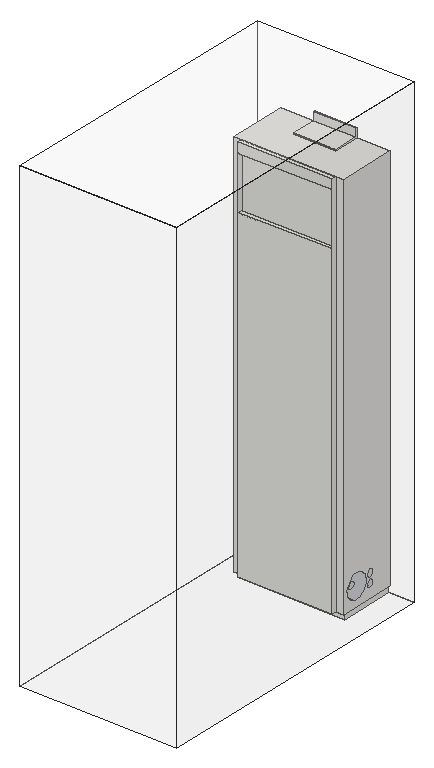
Revit family "ps-rp50_160ka22_60hz", category 機械設備, Revit 2023
Family settings
  丸型コネクタ寸法 = 直径を使用
  パーツ タイプ = 標準
  OmniClass 番号 = 23.75.10.24.21.27.27
  OmniClass タイトル = Split System Air Conditioning Units
  作業面ベース = いいえ
  常に垂直 = はい
  ロード時にボイドで切り取り = いいえ
  注釈の向きを維持 = いいえ
  共有 = いいえ
  部屋計算ポイント = はい
Parameters (values of type "PS-RP50KA22")
  風量_強 (㎥/min) = 14
  風量_弱 (㎥/min) = 12
  風量_中 (㎥/min) = 13
  風量 = MAX風量  # 840.0 m³/h
  音響パワーレベル_弱 (dB) = 52
  音響パワーレベル_中 (dB) = 54
  音響パワーレベル_強 (dB) = 56
  音響パワーレベル(dB) = [音響パワーレベル_強 (dB)]  # 56
  電線用ノックアウト穴Z2 = 90 mm
  電線用ノックアウト穴Z1 = 130 mm
  電線用ノックアウト穴Y = 110 mm
  電源種別 = ""
  電源_H = 0 mm
  電機品箱位置W = 22 mm
  電機品箱位置H = 641 mm
  電機品箱位置D = 170 mm
  電機品箱W = 348 mm
  電機品箱H = 151 mm
  電機品箱D = 61 mm
  電圧 = 0 V
  電動機出力_送風機 = 0.05 kW
  運転質量 = 0.00 kg
  連動 = ""
  転倒防止金具幅 = 180 mm
  質量 = if(製品質量 > 運転質量, 製品質量, 運転質量) * 1.2  # 42.00 kg
  負荷分類 = 3_ファン類
  構成品番 = ""
  既定の高さ = 0 mm
  吊り位置y_3 = 175 mm
  吊り位置X_3 = 80 mm
  冷媒，ドレン配管用ノックアウト穴正面-Z = 105 mm
  冷媒，ドレン配管用ノックアウト穴正面-X2 = 20 mm
  ドレン管径 (外径) = 26 mm
  【値が 0 の項目は組合せ形名にてご確認ください】 = ""
  MIN風量 = [風量_弱 (㎥/min)] * 60.0 m³/h  # 720.0 m³/h
  MID風量 = [風量_中 (㎥/min)] * 60.0 m³/h  # 780.0 m³/h
  MAX風量 = [風量_強 (㎥/min)] * 60.0 m³/h  # 840.0 m³/h
  吸込口高さ = 585 mm
  吸込口幅 = 405 mm
  吊り位置Y_1 = 55 mm
  吊り位置Y_2 = 145 mm
  吊り位置X_2 = 280 mm
  吊り位置X_1 = 200 mm
  冷媒，ドレン配管用ノックアウト穴側面-Z = 110 mm
  冷媒，ドレン配管用ノックアウト穴側面-Y = 180 mm
  冷媒，ドレン配管用ノックアウト穴正面-X1 = 75 mm
  冷媒液管位置-Z = 550 mm
  冷媒液管位置-Y = 201 mm
  冷媒液管位置-X = 45 mm
  冷媒ガス管位置-Z = 402 mm
  冷媒ガス管位置-Y = 186 mm
  冷媒ガス管位置-X = 78 mm
  吹出口高さ = 230 mm
  吹出口幅 = 400 mm
  ドレン管径-Y = 210 mm
  ドレン管径-X = 25 mm
  Width = 470 mm
  URL = "https://www.mitsubishielectric.co.jp/ldg/wink/qr/002/364631"
  Height = 1700 mm
  説明 = "店舗・事務所用パッケージエアコン(Mr.SLIM) 床置形"
  設計暖房能力 = 0.00 kW
  設計冷房能力_顕熱 = 0 kW
  設計冷房能力 = 0 kW
  設置方法 = "床置形"
  記号 = ""
  製造元 = "三菱電機株式会社"
  製品質量 = 35.00 kg
  製品出荷対象 = "国内"
  製品リリース年月 = "2026/5/11"
  製品グループ = ""
  系統 = ""
  符号 = "PAC_FRV"
  積算_科目 = "1 空気調和設備"
  積算_拾い区分 [instance] = ""
  盤記号 = ""
  発停方法 = "別売リモコン"
  特殊仕様 = ""
  火災停止 = ""
  消費電力_暖房 = 0.08 kW
  消費電力_冷房 = 0.09 kW
  消費電力 = if(消費電力_冷房 > 消費電力_暖房, 消費電力_冷房, 消費電力_暖房)  # 0.09 kW
  法定耐用年数 = "6"
  極数 = 3
  材質 = ""
  本体マテリアル = none
  有効加湿量 = 0
  暖房能力 = 5.00 kW
  形式_加湿器 = ""
  形式 = "床置（露出）立形"
  幹線記号 = ""
  始動方式 = "インバータ"
  呼称 = "パッケージ形空気調和機_室内機"
  周波数 = 60 Hz
  台数_手元リモコン = ""
  台数_冷媒分岐ユニット = ""
  参照している仕様書等のバージョン = "公共建築工事標準仕様書（機械設備工事編）平成31年度版"
  加湿給水管径 = 0 mm
  分類コード = "50053003123100"
  分類グループ = "設備"
  冷房能力 = 4.5 kW
  冷媒高低圧ガス管径 = 0 mm
  冷媒管径符号 = "Ac"
  冷媒管径 = 100 mm
  冷媒液管径 = 6.35 mm
  冷媒ガス管径 = 12.7 mm
  企業コード = "108420"
  付属品_フィルター = ""
  付属品 = ""
  モデル = "PS-RP50KA22"
  パネルマテリアル = none
  ドレン管径 = 20 mm
  サービススペース = yes
  コメント [instance] = ""
  Version = ""
  Uniclass2015Version = "Systems v1.9"
  Uniclass2015Title = "Split coil remote air cooled condensing units"
  Uniclass2015Code = "Pr_70_65_03_84"
  SpecificationReference = ""
  SpecificationDescription = ""
  Revision = ""
  ProductInformation = ""
  OmniClassCode = "23-33 17 13 11"
  IfcTypeProduct = ""
  IfcProduct = ""
  IfcExportType = "AIRCONDITIONINGUNIT"
  IfcExportAs = "IfcUnitaryEquipmentType"
  Depth = 270 mm
  価格 = 0
  Clearance Top = 300 mm
  Clearance Right = 100 mm
  Clearance Left = 100 mm
  Clearance Front = 1000 mm
  Clearance Bottom = 0 mm
  Clearance Back = 5 mm
  BLCJ仕様バージョン = "2.0"
  B = 797 mm
  Author = "三菱電機株式会社"
  A = 172.5 mm
Types (8, lengths in mm): name | 風量_強 (㎥/min) | 風量_弱 (㎥/min) | 風量_中 (㎥/min) | 風量 | 音響パワーレベル_弱 (dB) | 音響パワーレベル_中 (dB) | 音響パワーレベル_強 (dB) | 音響パワーレベル(dB) | 電線用ノックアウト穴Z1 | 電線用ノックアウト穴Y | 電機品箱位置H | 電機品箱位置D | 電機品箱W | 電機品箱H | 電機品箱D | 電動機出力_送風機 | 転倒防止金具幅 | 質量 | 吊り位置y_3 | 吊り位置X_3 | 冷媒，ドレン配管用ノックアウト穴正面-Z | MIN風量 | MID風量 | MAX風量 | 吸込口高さ | 吸込口幅 | 吊り位置Y_1 | 吊り位置Y_2 | 吊り位置X_2 | 吊り位置X_1 | 冷媒，ドレン配管用ノックアウト穴側面-Z | 冷媒，ドレン配管用ノックアウト穴側面-Y | 冷媒，ドレン配管用ノックアウト穴正面-X1 | 冷媒液管位置-Z | 冷媒液管位置-Y | 冷媒液管位置-X | 冷媒ガス管位置-Z | 冷媒ガス管位置-Y | 冷媒ガス管位置-X | 吹出口高さ | 吹出口幅 | ドレン管径-Y | ドレン管径-X | Width | URL | Height | 製品質量 | 消費電力_暖房 | 消費電力_冷房 | 消費電力 | 暖房能力 | 冷房能力 | 冷媒管径符号 | 冷媒液管径 | 冷媒ガス管径 | モデル | Depth | B | A
  PS-RP50KA22 | 14 | 12 | 13 | 840.0 m³/h | 52 | 54 | 56 | 56 | 130 | 110 | 641 | 170 | 348 | 151 | 61 | 0.05 kW | 180 | 42.00 kg | 175 | 80 | 105 | 720.0 m³/h | 780.0 m³/h | 840.0 m³/h | 585 | 405 | 55 | 145 | 280 | 200 | 110 | 180 | 75 | 550 | 201 | 45 | 402 | 186 | 78 | 230 | 400 | 210 | 25 | 470 | "https://www.mitsubishielectric.co.jp/ldg/wink/qr/002/364631" | 1700 | 35.00 kg | 0.08 kW | 0.09 kW | 0.09 kW | 5.00 kW | 4.5 kW | "Ac" | 6.35 | 12.7 | "PS-RP50KA22" | 270 | 797 | 172.5
  PS-RP56KA22 | 14 | 12 | 13 | 840.0 m³/h | 52 | 54 | 56 | 56 | 130 | 110 | 641 | 170 | 348 | 151 | 61 | 0.05 kW | 180 | 42.00 kg | 175 | 80 | 105 | 720.0 m³/h | 780.0 m³/h | 840.0 m³/h | 585 | 405 | 55 | 145 | 280 | 200 | 110 | 180 | 75 | 550 | 201 | 45 | 402 | 186 | 78 | 230 | 400 | 210 | 25 | 470 | "https://www.mitsubishielectric.co.jp/ldg/wink/qr/002/364632" | 1700 | 35.00 kg | 0.08 kW | 0.09 kW | 0.09 kW | 5.60 kW | 5 kW | "Ac" | 6.35 | 12.7 | "PS-RP56KA22" | 270 | 797 | 172.5
  PS-RP63KA22 | 15 | 13 | 14 | 900.0 m³/h | 52 | 54 | 56 | 56 | 130 | 110 | 641 | 170 | 348 | 151 | 61 | 0.05 kW | 180 | 42.00 kg | 175 | 80 | 105 | 780.0 m³/h | 840.0 m³/h | 900.0 m³/h | 585 | 405 | 55 | 145 | 280 | 200 | 110 | 180 | 75 | 550 | 201 | 45 | 402 | 186 | 78 | 230 | 400 | 210 | 25 | 470 | "https://www.mitsubishielectric.co.jp/ldg/wink/qr/002/364633" | 1700 | 35.00 kg | 0.08 kW | 0.09 kW | 0.09 kW | 6.30 kW | 5.6 kW | "Ac" | 6.35 | 12.7 | "PS-RP63KA22" | 270 | 797 | 172.5
  PS-RP71KA22 | 15 | 13 | 14 | 900.0 m³/h | 52 | 55 | 57 | 57 | 130 | 110 | 641 | 170 | 348 | 151 | 61 | 0.05 kW | 180 | 42.00 kg | 175 | 80 | 105 | 780.0 m³/h | 840.0 m³/h | 900.0 m³/h | 585 | 405 | 55 | 145 | 280 | 200 | 110 | 180 | 75 | 550 | 201 | 45 | 402 | 186 | 78 | 230 | 400 | 210 | 25 | 470 | "https://www.mitsubishielectric.co.jp/ldg/wink/qr/002/364634" | 1700 | 35.00 kg | 0.08 kW | 0.09 kW | 0.09 kW | 7.10 kW | 6.3 kW | "Bd" | 9.52 | 15.88 | "PS-RP71KA22" | 270 | 797 | 172.5
  PS-RP80KA22 | 15 | 13 | 14 | 900.0 m³/h | 52 | 55 | 57 | 57 | 130 | 110 | 641 | 170 | 348 | 151 | 61 | 0.05 kW | 180 | 42.00 kg | 175 | 80 | 105 | 780.0 m³/h | 840.0 m³/h | 900.0 m³/h | 585 | 405 | 55 | 145 | 280 | 200 | 110 | 180 | 75 | 550 | 201 | 45 | 402 | 186 | 78 | 230 | 400 | 210 | 25 | 470 | "https://www.mitsubishielectric.co.jp/ldg/wink/qr/002/364635" | 1700 | 35.00 kg | 0.08 kW | 0.09 kW | 0.09 kW | 8.00 kW | 7.1 kW | "Bd" | 9.52 | 15.88 | "PS-RP80KA22" | 270 | 797 | 172.5
  PS-RP112KA22 | 30 | 24 | 27 | 1800.0 m³/h | 57 | 61 | 63 | 63 | 140 | 190 | 714 | 245 | 461 | 123 | 66 | 0.11 kW | 260 | 57.60 kg | 254 | 99 | 110 | 1440.0 m³/h | 1620.0 m³/h | 1800.0 m³/h | 599 | 524 | 77 | 201 | 277 | 218 | 115 | 260 | 105 | 590 | 261 | 48 | 480 | 261 | 95 | 260 | 520 | 289 | 27 | 600 | "https://www.mitsubishielectric.co.jp/ldg/wink/qr/002/364636" | 1900 | 48.00 kg | 0.11 kW | 0.12 kW | 0.12 kW | 11.20 kW | 10 kW | "Bd" | 9.52 | 15.88 | "PS-RP112KA22" | 360 | 834 | 181
  PS-RP140KA22 | 30 | 24 | 27 | 1800.0 m³/h | 57 | 61 | 63 | 63 | 140 | 190 | 714 | 245 | 461 | 123 | 66 | 0.11 kW | 260 | 57.60 kg | 254 | 99 | 110 | 1440.0 m³/h | 1620.0 m³/h | 1800.0 m³/h | 599 | 524 | 77 | 201 | 277 | 218 | 115 | 260 | 105 | 590 | 261 | 48 | 480 | 261 | 95 | 260 | 520 | 289 | 27 | 600 | "https://www.mitsubishielectric.co.jp/ldg/wink/qr/002/364637" | 1900 | 48.00 kg | 0.11 kW | 0.12 kW | 0.12 kW | 14.00 kW | 12.5 kW | "Bd" | 9.52 | 15.88 | "PS-RP140KA22" | 360 | 834 | 181
  PS-RP160KA22 | 30 | 24 | 27 | 1800.0 m³/h | 59 | 62 | 64 | 64 | 140 | 190 | 714 | 245 | 461 | 123 | 66 | 0.11 kW | 260 | 57.60 kg | 254 | 99 | 110 | 1440.0 m³/h | 1620.0 m³/h | 1800.0 m³/h | 599 | 524 | 77 | 201 | 277 | 218 | 115 | 260 | 105 | 590 | 261 | 48 | 480 | 261 | 95 | 260 | 520 | 289 | 27 | 600 | "https://www.mitsubishielectric.co.jp/ldg/wink/qr/002/364638" | 1900 | 48.00 kg | 0.11 kW | 0.12 kW | 0.12 kW | 16.00 kW | 14 kW | "Bd" | 9.52 | 15.88 | "PS-RP160KA22" | 360 | 834 | 181
Reference planes
  plane 1 "中心(正面/背面)": y = 0
  plane 2: z = 0
  plane 3 "中心(左/右)": x = 0
  plane 4: x = -235
  plane 5: x = 235
  plane 6: z = 1700
  plane 7: z = 30
  plane 8: x = 157
  plane 9: x = 190
  plane 10: x = 210
  plane 11: x = -90
  plane 12: x = 90
  plane 13: z = 550
  plane 14: z = 402
  plane 15: z = 1430
  plane 16: z = 757.5
  plane 17: z = 172.5
  plane 18: x = -202.5
  plane 19: x = 202.5
  plane 20: z = 827
  plane 21: z = 1660
  plane 22: x = -335
  plane 23: x = 335
  plane 24: z = 2000
  plane 25: z = 110
  plane 26 "本体背面": y = 0
  plane 27: y = -250
  plane 28 "Front": y = -270
  plane 29: y = -186
  plane 30: y = -201
  plane 31: y = -210
  plane 32: y = 5
  plane 33: y = -1270
  plane 34: y = -180
  plane 35: y = -110
  plane 36: x = -122.5
  plane 37: x = 122.5
  plane 38: y = -55
  plane 39: y = -200
  plane 40: x = -140
  plane 41: x = 140
  plane 42: x = -100
  plane 43: x = 100
  plane 44: z = 105
  plane 45: x = 160
  plane 46: x = -20
  plane 47: z = 90
  plane 48: z = 130
  plane 49: z = 125
  plane 50: x = -225
  plane 51: y = -175
  plane 52: x = 155
  plane 53: y = -170
  plane 54: y = -231
  plane 55: z = 641
  plane 56: z = 792
  plane 57: x = -213
  plane 58: x = 135
Forms (mm)
  Extrusion 1, solid, material "Paint(Ivory)"
    sketch origin (0, -125, 0) x (1, 0, 0) y (0, 1, 0)
      loop
        line (-235, 125) -> (-235, -125) -> (235, -125) -> (235, 125) -> (-235, 125)
    from 30 to 1700
  Extrusion 2, solid, material "Paint(Ivory)", detail levels fine
    sketch origin (0, -125, 0) x (1, 0, 0) y (0, 1, 0)
      loop
        line (-202.5, -145) -> (202.5, -145) -> (202.5, -125) -> (-202.5, -125) -> (-202.5, -145)
    from 30 to 1700
  Extrusion 3, solid, material "Paint(Ivory)", detail levels fine
    sketch origin (0, -125, 0) x (1, 0, 0) y (0, 1, 0)
      loop
        line (-225, -105) -> (225, -105) -> (225, 125) -> (-225, 125) -> (-225, -105)
    from 0 to 30
  Extrusion 4, solid, material "Paint(Ivory)", detail levels fine
    sketch origin (0, -125, 0) x (0, 1, 0) y (0, 0, 1)
      loop
        line (125, 1740) -> (120, 1740) -> (120, 1704.676) -> (14, 1704.676) -> (14, 1700) -> (125, 1700) -> (125, 1740)
    from -90 to 90
  Extrusion 5, solid, detail levels fine
    sketch origin (0, -125, 0) x (1, 0, 0) y (0, 1, 0)
      loop
        circle (157, -61) r 6.35
    from 402 to 827
  Extrusion 6, solid, detail levels fine
    sketch origin (35, -140, 0) x (1, 0, 0) y (0, 1, 0)
      loop
        circle (155, -61) r 3.175
    from 550 to 827
  Extrusion 7, solid, detail levels fine
    sketch origin (0, -125, 0) x (1, 0, 0) y (0, 1, 0)
      loop
        circle (210, -85) r 13
    from 125 to 827
  Extrusion 8, void
    sketch origin (0, -125, 0) x (1, 0, 0) y (0, 0, 1)
      loop
        line (-200, 1660) -> (-200, 1430) -> (200, 1430) -> (200, 1660) -> (-200, 1660)
    from 125 to 145
  Extrusion 9, solid, detail levels fine
    sketch origin (0, -125, 0) x (0, 1, 0) y (0, 0, 1)
      loop
        circle (-55, 110) r 50
    from 225 to 235
  Extrusion 10, solid
    sketch origin (1480.036, -270, 1200) x (1, 0, 0) y (0, 0, -1)
      loop
        circle (-1500.036, 1095) r 50
    from 265 to 270
  Extrusion 11, solid
    sketch origin (1630.036, -270, 1200) x (1, 0, 0) y (0, 0, -1)
      loop
        circle (-1470.036, 1095) r 50
    from 265 to 270
  Extrusion 12, solid, detail levels fine
    sketch origin (0, 0, 0) x (0, 1, 0) y (0, 0, 1)
      loop
        circle (-110, 90) r 13.5
      loop
        circle (-110, 130) r 13.5
    from 225 to 235
  Extrusion 13, solid
    sketch origin (0, 0, 0) x (1, 0, 0) y (0, 1, 0)
      loop
        circle (185, -175) r 13
    from 0 to 1.766
  Extrusion 14, solid
    sketch origin (0, 0, 0) x (0, 1, 0) y (0, 0, 1)
      loop
        circle (-210, 125) r 13
    from 235 to 225
  Extrusion 15, solid
    sketch origin (0, 0, 0) x (0, 1, 0) y (0, 0, 1)
      loop
        circle (-180, 110) r 50
    from -225 to -235
  Extrusion 16, solid
    sketch origin (0, 0, 0) x (0, 1, 0) y (0, 0, 1)
      loop
        circle (-210, 125) r 13
    from -235 to -225
  Extrusion 17, solid
    sketch origin (0, 0, 0) x (1, 0, 0) y (0, 1, 0)
      loop
        circle (155, -175) r 50
    from 0 to 30
  Extrusion 18, solid
    sketch origin (1480.036, -270, 1200) x (1, 0, 0) y (0, 0, -1)
      loop
        circle (-1470.036, 1090) r 13
    from 270 to 265
  Extrusion 19, solid
    sketch origin (1480.036, -270, 1200) x (1, 0, 0) y (0, 0, -1)
      loop
        circle (-1290.036, 1090) r 13
    from 265 to 270
  Extrusion 20, solid, detail levels fine
    sketch origin (0, 0, 0) x (1, 0, 0) y (0, 0, 1)
      loop
        line (-213, 792) -> (-213, 641) -> (135, 641) -> (135, 792) -> (-213, 792)
    from 170 to 231
Cuts and joins
  Extrusion 8 cuts Extrusion 1
  Extrusion 8 cuts Extrusion 2
Lines and regions (mm)
  model lines, detail levels fine
    curve 1: line (-235, -250, 827) -> (-202.5, -250, 827)
    curve 2: line (235, -250, 827) -> (202.5, -250, 827)
    curve 3: line (-202.5, -270, 172.5) -> (202.5, -270, 172.5)
    curve 4: line (-202.5, -270, 757.5) -> (-202.5, -270, 172.5)
    curve 5: line (202.5, -270, 757.5) -> (202.5, -270, 172.5)
    curve 6: line (-202.5, -270, 757.5) -> (202.5, -270, 757.5)
    curve 7: line (-202.5, -270, 189.706) -> (202.5, -270, 189.706)
    curve 8: line (-202.5, -270, 206.912) -> (202.5, -270, 206.912)
    curve 9: line (-202.5, -270, 224.118) -> (202.5, -270, 224.118)
    curve 10: line (-202.5, -270, 241.324) -> (202.5, -270, 241.324)
    curve 11: line (-202.5, -270, 258.529) -> (202.5, -270, 258.529)
    curve 12: line (-202.5, -270, 275.735) -> (202.5, -270, 275.735)
    curve 13: line (-202.5, -270, 292.941) -> (202.5, -270, 292.941)
    curve 14: line (-202.5, -270, 310.147) -> (202.5, -270, 310.147)
    curve 15: line (-202.5, -270, 327.353) -> (202.5, -270, 327.353)
    curve 16: line (-202.5, -270, 344.559) -> (202.5, -270, 344.559)
    curve 17: line (-202.5, -270, 361.765) -> (202.5, -270, 361.765)
    curve 18: line (-202.5, -270, 378.971) -> (202.5, -270, 378.971)
    curve 19: line (-202.5, -270, 396.176) -> (202.5, -270, 396.176)
    curve 20: line (-202.5, -270, 413.382) -> (202.5, -270, 413.382)
    curve 21: line (-202.5, -270, 430.588) -> (202.5, -270, 430.588)
    curve 22: line (-202.5, -270, 447.794) -> (202.5, -270, 447.794)
    curve 23: line (-202.5, -270, 465) -> (202.5, -270, 465)
    curve 24: line (-202.5, -270, 482.206) -> (202.5, -270, 482.206)
    curve 25: line (-202.5, -270, 499.412) -> (202.5, -270, 499.412)
    curve 26: line (-202.5, -270, 516.618) -> (202.5, -270, 516.618)
    curve 27: line (-202.5, -270, 533.824) -> (202.5, -270, 533.824)
    curve 28: line (-202.5, -270, 551.029) -> (202.5, -270, 551.029)
    curve 29: line (-202.5, -270, 568.235) -> (202.5, -270, 568.235)
    curve 30: line (-202.5, -270, 585.441) -> (202.5, -270, 585.441)
    curve 31: line (-202.5, -270, 602.647) -> (202.5, -270, 602.647)
    curve 32: line (-202.5, -270, 619.853) -> (202.5, -270, 619.853)
    curve 33: line (-202.5, -270, 637.059) -> (202.5, -270, 637.059)
    curve 34: line (-202.5, -270, 654.265) -> (202.5, -270, 654.265)
    curve 35: line (-202.5, -270, 671.471) -> (202.5, -270, 671.471)
    curve 36: line (-202.5, -270, 688.676) -> (202.5, -270, 688.676)
    curve 37: line (-202.5, -270, 705.882) -> (202.5, -270, 705.882)
    curve 38: line (-202.5, -270, 723.088) -> (202.5, -270, 723.088)
    curve 39: line (-202.5, -270, 740.294) -> (202.5, -270, 740.294)
    curve 40: line (200, -270, 1660) -> (200, -270, 1430)
    curve 41: line (-200, -270, 1430) -> (200, -270, 1430)
    curve 42: line (-60, -270, 1326) -> (60, -270, 1326)
    curve 43: line (-60, -270, 1206) -> (-60, -270, 1326)
    curve 44: line (60, -270, 1206) -> (-60, -270, 1206)
    curve 45: line (60, -270, 1326) -> (60, -270, 1206)
    curve 46: line (-200, -270, 1430) -> (200, -270, 1430)
    curve 47: line (-200, -270, 1660) -> (-200, -270, 1430)
    curve 48: line (-200, -270, 1660) -> (200, -270, 1660)
    curve 49: line (-200, -270, 1462.857) -> (200, -270, 1462.857)
    curve 50: line (-200, -270, 1495.714) -> (200, -270, 1495.714)
    curve 51: line (-200, -270, 1528.571) -> (200, -270, 1528.571)
    curve 52: line (-200, -270, 1561.429) -> (200, -270, 1561.429)
    curve 53: line (-200, -270, 1594.286) -> (200, -270, 1594.286)
    curve 54: line (-200, -270, 1627.143) -> (200, -270, 1627.143)
    curve 55: line (200, -270, 1660) -> (200, -270, 1430)
    curve 56: line (-142.857, -270, 1660) -> (-142.857, -270, 1430)
    curve 57: line (-85.714, -270, 1660) -> (-85.714, -270, 1430)
    curve 58: line (-28.571, -270, 1660) -> (-28.571, -270, 1430)
    curve 59: line (28.571, -270, 1660) -> (28.571, -270, 1430)
    curve 60: line (85.714, -270, 1660) -> (85.714, -270, 1430)
    curve 61: line (142.857, -270, 1660) -> (142.857, -270, 1430)
    curve 62: line (-202.5, -270, 827) -> (-94.055, -270, 827)
    curve 63: line (202.5, -270, 827) -> (94.055, -270, 827)
    curve 64: arc (-94.055, -270, 827) -> (-84.472, -270, 826.073) -> (-75.244, -270, 823.326) r 50
    curve 65: arc (75.244, -270, 823.326) -> (84.472, -270, 826.073) -> (94.055, -270, 827) r 50
    curve 66: arc (-75.244, -270, 823.326) -> (0, -270, 808.632) -> (75.244, -270, 823.326) r 200
Dimensions and locks
  equal spacing: plane 4, plane 3 "中心(左/右)", plane 5
  "Width": plane 4 to plane 5
  "Height": plane 6 to plane 2
  plane 7 to level = 30 mm
  equal spacing: plane 11, plane 3 "中心(左/右)", plane 12
  "転倒防止金具幅": plane 11 to plane 12
  "冷媒液管位置-Z": plane 13 to plane 2
  "冷媒ガス管位置-Z": plane 14 to plane 2
  "A": plane 17 to plane 2
  "吸込口高さ": plane 16 to plane 17
  "B": plane 20 to plane 7
  locked: plane 6 to plane 21 at 40
  "吹出口高さ": plane 21 to plane 15
  equal spacing: plane 19, plane 3 "中心(左/右)", plane 18
  "吸込口幅": plane 19 to plane 18
  plane 12 to plane 11 = 180 mm
  plane 5 to plane 4 = 470 mm
  "Clearance Left": plane 22 to plane 4
  "Clearance Top": plane 24 to plane 6
  "冷媒，ドレン配管用ノックアウト穴側面-Z": plane 25 to plane 2
  plane 27 to plane 28 "Front" = 20 mm
  locked: Extrusion 3 sketch curve to plane 5 at 10
  locked: Extrusion 3 sketch curve to plane 27 at 20
  "冷媒ガス管位置-Y": plane 29 to plane 26 "本体背面"
  "冷媒液管位置-Y": plane 30 to plane 26 "本体背面"
  "ドレン管径-Y": plane 31 to plane 26 "本体背面"
  locked: Extrusion 4 sketch curve to Extrusion 4 sketch curve at 5
  locked: Extrusion 4 sketch curve to Extrusion 4 sketch curve at 111
  "冷媒ガス管位置-X": plane 8 to plane 5
  "冷媒液管位置-X": plane 9 to plane 5
  "ドレン管径-X": plane 10 to plane 5
  equal spacing: Extrusion 8 sketch curve, plane 3 "中心(左/右)", Extrusion 8 sketch curve
  "吹出口幅": Extrusion 8 sketch curve to Extrusion 8 sketch curve
  "Clearance Front": plane 28 "Front" to plane 33
  "Clearance Back": plane 26 "本体背面" to plane 32
  "Clearance Right": plane 5 to plane 23
  locked: Extrusion 9 to plane 5 at 10
  equal spacing: curve 6, curve 39, curve 38, curve 37, curve 36, curve 35, curve 34, curve 33, curve 32, curve 31, curve 30, curve 29, curve 28, curve 27, curve 26, curve 25, curve 24, curve 23, curve 22, curve 21, curve 20, curve 19, curve 18, curve 17, curve 16, curve 15, curve 14, curve 13, curve 12, curve 11, curve 10, curve 9, curve 8, curve 7, curve 3
  cut or joined group of Extrusion 2, Extrusion 8 to cut or joined group of Extrusion 2, Extrusion 8 = 400 mm
  locked: curve 42 to curve 44 at 120
  locked: curve 45 to curve 43 at 120
  equal spacing: cut or joined group of Extrusion 2, Extrusion 8, curve 54, curve 53, curve 52, curve 51, curve 50, curve 49, cut or joined group of Extrusion 2, Extrusion 8
  "Clearance Bottom": plane 2 to nested 1
  locked: plane 15 to curve 42 at 104
  "電線用ノックアウト穴Y": plane 26 "本体背面" to plane 35
  "冷媒，ドレン配管用ノックアウト穴側面-Y": plane 26 "本体背面" to plane 34
  equal spacing: curve 45, plane 3 "中心(左/右)", curve 43
  equal spacing: cut or joined group of Extrusion 2, Extrusion 8, curve 56, curve 57, curve 58, curve 59, curve 60, curve 61, cut or joined group of Extrusion 2, Extrusion 8
  "吊り位置Y_1": plane 38 to plane 26 "本体背面"
  "吊り位置Y_2": plane 38 to plane 39
  equal spacing: plane 40, plane 3 "中心(左/右)", plane 41
  "吊り位置X_2": plane 40 to plane 41
  equal spacing: plane 42, plane 3 "中心(左/右)", plane 43
  "吊り位置X_1": plane 42 to plane 43
  "冷媒，ドレン配管用ノックアウト穴正面-X1": plane 45 to plane 5
  "冷媒，ドレン配管用ノックアウト穴正面-X2": plane 3 "中心(左/右)" to plane 46
  "電線用ノックアウト穴Z2": plane 47 to level
  "電線用ノックアウト穴Z1": plane 48 to plane 2
  locked: Extrusion 11 to cut or joined group of Extrusion 1, Extrusion 8 at 5
  locked: Extrusion 10 to cut or joined group of Extrusion 1, Extrusion 8 at 5
  "冷媒，ドレン配管用ノックアウト穴正面-Z": plane 2 to plane 44
  plane 8 to plane 9 = 33 mm
  "Depth": plane 26 "本体背面" to plane 28 "Front"
  plane 49 to level = 125 mm
  plane 50 to plane 4 = 10 mm
  "吊り位置y_3": plane 26 "本体背面" to plane 51
  "吊り位置X_3": plane 52 to plane 5
  Extrusion 18 sketch curve to plane 46 = 30 mm
  plane 45 to Extrusion 19 sketch curve = 30 mm
  plane 52 to Extrusion 13 sketch curve = 30 mm
  "電機品箱位置D": plane 53 to plane 26 "本体背面"
  "電機品箱D": plane 54 to plane 53
  "電機品箱位置H": plane 55 to plane 2
  "電機品箱H": plane 56 to plane 55
  "電機品箱位置W": plane 57 to plane 4
  "電機品箱W": plane 58 to plane 57
  "冷媒ガス管径": diameter of Extrusion 5 sketch curve
  "冷媒液管径": diameter of Extrusion 6 sketch curve
  "ドレン管径 (外径)": diameter of Extrusion 7 sketch curve
  "冷媒管径": diameter of Extrusion 9 sketch curve
  "冷媒管径": diameter of Extrusion 10 sketch curve
  "冷媒管径": diameter of Extrusion 11 sketch curve
  radius of curve 66 = 200 mm
  "ドレン管径 (外径)": diameter of Extrusion 13 sketch curve
  "ドレン管径 (外径)": diameter of Extrusion 14 sketch curve
  "冷媒管径": diameter of Extrusion 17 sketch curve
  "ドレン管径 (外径)": diameter of Extrusion 18 sketch curve
  "ドレン管径 (外径)": diameter of Extrusion 19 sketch curve
  aligned and locked: level to plane 2
  aligned and locked: plane 26 "本体背面" to Extrusion 1 sketch curve
  aligned and locked: plane 27 to Extrusion 1 sketch curve
  aligned and locked: plane 5 to Extrusion 1 sketch curve
  aligned and locked: plane 27 to Extrusion 2 sketch curve
  aligned and locked: Extrusion 2 sketch curve to plane 28 "Front"
  aligned and locked: Extrusion 3 sketch curve to plane 26 "本体背面"
  aligned and locked: plane 8 to Extrusion 5 sketch curve
  aligned and locked: plane 29 to Extrusion 5 sketch curve
  aligned and locked: plane 9 to Extrusion 6 sketch curve
  aligned and locked: plane 30 to Extrusion 6 sketch curve
  aligned and locked: plane 10 to Extrusion 7 sketch curve
  aligned and locked: plane 31 to Extrusion 7 sketch curve
  aligned and locked: Extrusion 7 to Extrusion 5
  aligned and locked: Extrusion 6 to Extrusion 5
  aligned and locked: Extrusion 8 to plane 28 "Front"
  aligned and locked: plane 27 to Extrusion 8
  aligned and locked: plane 32 to nested 1
  aligned and locked: nested 1 to plane 33
  aligned and locked: plane 34 to Extrusion 9 sketch curve
  aligned and locked: Extrusion 9 to plane 5
  aligned and locked: Extrusion 9 to Extrusion 3
  aligned and locked: nested 1 to plane 23
  aligned and locked: plane 23 to nested 1
  aligned and locked: plane 1 "中心(正面/背面)" to plane 26 "本体背面"
  aligned and locked: plane 24 to nested 1
  aligned and locked: plane 6 to cut or joined group of Extrusion 2, Extrusion 8
  aligned and locked: plane 6 to cut or joined group of Extrusion 1, Extrusion 8
  aligned and locked: Extrusion 4 to plane 6
  aligned and locked: plane 21 to cut or joined group of Extrusion 2, Extrusion 8
  aligned and locked: cut or joined group of Extrusion 2, Extrusion 8 to plane 15
  aligned and locked: cut or joined group of Extrusion 2, Extrusion 8 to plane 18
  aligned and locked: plane 19 to curve 5
  aligned and locked: plane 19 to curve 2
  aligned and locked: plane 18 to curve 1
  aligned and locked: Extrusion 5 to plane 14
  aligned and locked: Extrusion 6 to plane 13
  aligned and locked: curve 4 to plane 18
  aligned and locked: cut or joined group of Extrusion 2, Extrusion 8 to plane 19
  aligned and locked: plane 18 to cut or joined group of Extrusion 2, Extrusion 8
  aligned and locked: curve 55 to cut or joined group of Extrusion 2, Extrusion 8
  aligned and locked: curve 47 to cut or joined group of Extrusion 2, Extrusion 8
  aligned and locked: curve 48 to plane 21
  aligned and locked: curve 46 to plane 15
  aligned and locked: plane 18 to curve 62
  aligned and locked: curve 62 to plane 20
  aligned and locked: plane 19 to curve 63
  aligned and locked: plane 20 to curve 63
  aligned and locked: plane 20 to curve 65
  aligned and locked: plane 22 to nested 1
  aligned and locked: Extrusion 1 to plane 4
  aligned and locked: cut or joined group of Extrusion 1, Extrusion 8 to plane 5
  aligned and locked: nested 1 to plane 24
  aligned and locked: cut or joined group of Extrusion 1, Extrusion 8 to plane 6
  aligned and locked: nested 2 to plane 38
  aligned and locked: nested 2 to plane 39  (x2)
  aligned and locked: plane 3 "中心(左/右)" to nested 2
  aligned and locked: nested 2 to plane 40
  aligned and locked: plane 41 to nested 2
  aligned and locked: plane 38 to nested 2
  aligned and locked: nested 2 to plane 41
  aligned and locked: plane 40 to nested 2
  aligned and locked: plane 46 to Extrusion 10 sketch curve
  aligned and locked: plane 44 to Extrusion 10 sketch curve
  aligned and locked: plane 45 to Extrusion 11 sketch curve
  aligned and locked: plane 44 to Extrusion 11 sketch curve
  aligned and locked: Extrusion 11 to plane 1 "中心(正面/背面)"
  aligned and locked: Extrusion 10 to plane 1 "中心(正面/背面)"
  aligned and locked: Extrusion 4 to Extrusion 10
  aligned and locked: level to nested 1  (x2)
  aligned and locked: plane 48 to Extrusion 12 sketch curve
  aligned and locked: plane 47 to Extrusion 12 sketch curve
  aligned and locked: Extrusion 12 to plane 5
  aligned and locked: Extrusion 12 to Extrusion 3
  aligned and locked: Extrusion 7 to plane 49
  aligned and locked: plane 31 to Extrusion 14 sketch curve
  aligned and locked: plane 49 to Extrusion 14 sketch curve
  aligned and locked: Extrusion 14 to plane 5
  aligned and locked: Extrusion 9 to Extrusion 14
  aligned and locked: Extrusion 15 sketch curve to Extrusion 9
  aligned and locked: Extrusion 15 to plane 4
  aligned and locked: Extrusion 3 to Extrusion 15
  aligned and locked: Extrusion 16 sketch curve to Extrusion 14
  aligned and locked: Extrusion 16 to plane 4
  aligned and locked: Extrusion 3 to Extrusion 16
  aligned and locked: plane 52 to Extrusion 17 sketch curve
  aligned and locked: plane 51 to Extrusion 17 sketch curve
  aligned and locked: plane 25 to Extrusion 18 sketch curve
  aligned and locked: plane 25 to Extrusion 19 sketch curve
  aligned and locked: Extrusion 18 to plane 1 "中心(正面/背面)"
  aligned and locked: Extrusion 10 to Extrusion 18
  aligned and locked: Extrusion 19 to plane 1 "中心(正面/背面)"
  aligned and locked: Extrusion 10 to Extrusion 19
  aligned and locked: plane 51 to Extrusion 13 sketch curve
  aligned and locked: plane 58 to Extrusion 20
  aligned and locked: Extrusion 20 to plane 57
  aligned and locked: Extrusion 20 to plane 55
  aligned and locked: plane 56 to Extrusion 20
  aligned and locked: Extrusion 20 to plane 53
  aligned and locked: plane 54 to Extrusion 20
Automatic sketch dimensions
  Extrusion 1 sketch curve to plane 4 = 0 mm
  Extrusion 2 sketch curve to plane 18 = 0 mm
  Extrusion 2 sketch curve to plane 19 = 0 mm
  plane 4 to Extrusion 3 sketch curve = 10 mm
  Extrusion 4 sketch curve to plane 6 = 0 mm
  plane 1 "中心(正面/背面)" to Extrusion 4 sketch curve = 0 mm
  plane 6 to Extrusion 4 sketch curve = 4.676 mm
  Extrusion 4 sketch curve to Extrusion 4 sketch curve = 35.324 mm
  curve 1 to plane 4 = 0 mm
  plane 5 to curve 2 = 0 mm
  curve 1 to plane 20 = 0 mm
  curve 2 to plane 20 = 0 mm
  curve 3 to plane 17 = 0 mm
  curve 3 to plane 18 = 0 mm
  curve 66 to plane 3 "中心(左/右)" = 0 mm
  curve 6 to plane 16 = 0 mm
  plane 11 to curve 62 = 4.055 mm
  plane 12 to curve 63 = 4.055 mm
  curve 65 to plane 16 = 19.5 mm
  curve 64 to plane 16 = 19.5 mm
  curve 66 to curve 64 = 0 mm
  Extrusion 12 sketch curve to plane 35 = 0 mm  (x2)
  Extrusion 20 sketch curve to plane 55 = 0 mm
  Extrusion 20 sketch curve to plane 57 = 0 mm
  Extrusion 20 sketch curve to plane 58 = 0 mm
  plane 16 to Extrusion 20 sketch curve = 34.5 mm
  Extrusion 8 sketch curve to plane 15 = 0 mm
  Extrusion 8 sketch curve to plane 21 = 0 mm
  Extrusion 9 sketch curve to plane 25 = 0 mm
  radius of Extrusion 12 sketch curve = 13.5 mm  (x2)
Nested families
  nested 1: "サービススペース" at (0, -632.5, 1000), visible <- "サービススペース", type "サービススペース", detail levels fine
    with Width 670 mm, Height 2000 mm, Depth 1275 mm
  nested 2: "固定点" at (0, -200, 0), W2 <- "吊り位置X_2", D <- "吊り位置Y_2", W1 <- "吊り位置X_1", type "固定点"
    with W2 280 mm, W1 200 mm, D 145 mm
Connectors
  piping at (235, -180, 110), diameter 100, driven by "冷媒管径", driven by "冷媒管径符号"
    settings: on Extrusion 9, index 6, connector inside diameter 609.6 mm, connector length 0 mm, flow factor 0, pipe flow 0.0 L/s, pressure drop 0.0 Pa, fitting loss kfactor 0, connector angle 0.00°, fixture units 0, engagement length 0 mm, angle of deflection 0.00°, flow configuration 1, flow direction 1, fitting loss method 4, system type 7, joint type 0, gender type 0, connector reference index -1, connector utility 0, adjustable connector no, is connector primary yes, connector description "Ac"
  piping at (160, 0, 105), diameter 100, driven by "冷媒管径", driven by "冷媒管径符号"
    settings: on Extrusion 11, index 8, connector inside diameter 609.6 mm, connector length 0 mm, flow factor 0, pipe flow 0.0 L/s, pressure drop 0.0 Pa, fitting loss kfactor 0, connector angle 0.00°, fixture units 0, engagement length 0 mm, angle of deflection 0.00°, flow configuration 1, flow direction 1, fitting loss method 4, system type 7, joint type 0, gender type 0, connector reference index -1, connector utility 0, adjustable connector no, is connector primary no, connector description "Ac"
  piping at (-20, 0, 105), diameter 100, driven by "冷媒管径", driven by "冷媒管径符号"
    settings: on Extrusion 10, index 9, connector inside diameter 609.6 mm, connector length 0 mm, flow factor 0, pipe flow 0.0 L/s, pressure drop 0.0 Pa, fitting loss kfactor 0, connector angle 0.00°, fixture units 0, engagement length 0 mm, angle of deflection 0.00°, flow configuration 1, flow direction 1, fitting loss method 4, system type 7, joint type 0, gender type 0, connector reference index -1, connector utility 0, adjustable connector no, is connector primary no, connector description "Ac"
  piping at (185, -175, 0), diameter 20, driven by "ドレン管径"
    settings: on Extrusion 13, index 11, connector inside diameter 609.6 mm, connector length 0 mm, flow factor 0, pipe flow 0.0 L/s, pressure drop 0.0 Pa, fitting loss kfactor 0, connector angle 0.00°, fixture units 0, engagement length 0 mm, angle of deflection 0.00°, flow configuration 1, flow direction 2, fitting loss method 4, system type 16, joint type 0, gender type 0, connector reference index -1, connector utility 0, adjustable connector no, is connector primary no, connector description ""
  piping at (235, -210, 125), diameter 20, driven by "ドレン管径"
    settings: on Extrusion 14, index 12, connector inside diameter 609.6 mm, connector length 0 mm, flow factor 0, pipe flow 0.0 L/s, pressure drop 0.0 Pa, fitting loss kfactor 0, connector angle 0.00°, fixture units 0, engagement length 0 mm, angle of deflection 0.00°, flow configuration 1, flow direction 2, fitting loss method 4, system type 16, joint type 0, gender type 0, connector reference index -1, connector utility 0, adjustable connector no, is connector primary no, connector description ""
  piping at (-235, -180, 110), diameter 100, driven by "冷媒管径", driven by "冷媒管径符号"
    settings: on Extrusion 15, index 13, connector inside diameter 609.6 mm, connector length 0 mm, flow factor 0, pipe flow 0.0 L/s, pressure drop 0.0 Pa, fitting loss kfactor 0, connector angle 0.00°, fixture units 0, engagement length 0 mm, angle of deflection 0.00°, flow configuration 1, flow direction 1, fitting loss method 4, system type 7, joint type 0, gender type 0, connector reference index -1, connector utility 0, adjustable connector no, is connector primary no, connector description "Ac"
  piping at (-235, -210, 125), diameter 20, driven by "ドレン管径"
    settings: on Extrusion 16, index 14, connector inside diameter 609.6 mm, connector length 0 mm, flow factor 0, pipe flow 0.0 L/s, pressure drop 0.0 Pa, fitting loss kfactor 0, connector angle 0.00°, fixture units 0, engagement length 0 mm, angle of deflection 0.00°, flow configuration 2, flow direction 2, fitting loss method 4, system type 16, joint type 0, gender type 0, connector reference index -1, connector utility 0, adjustable connector no, is connector primary no, connector description ""
  piping at (155, -175, 0), diameter 100, driven by "冷媒管径", driven by "冷媒管径符号"
    settings: on Extrusion 17, index 15, connector inside diameter 609.6 mm, connector length 0 mm, flow factor 0, pipe flow 0.0 L/s, pressure drop 0.0 Pa, fitting loss kfactor 0, connector angle 0.00°, fixture units 0, engagement length 0 mm, angle of deflection 0.00°, flow configuration 1, flow direction 1, fitting loss method 4, system type 7, joint type 0, gender type 0, connector reference index -1, connector utility 0, adjustable connector no, is connector primary no, connector description "Ac"
  piping at (190, 0, 110), diameter 20, driven by "ドレン管径"
    settings: on Extrusion 19, index 16, connector inside diameter 609.6 mm, connector length 0 mm, flow factor 0, pipe flow 0.0 L/s, pressure drop 0.0 Pa, fitting loss kfactor 0, connector angle 0.00°, fixture units 0, engagement length 0 mm, angle of deflection 0.00°, flow configuration 1, flow direction 2, fitting loss method 4, system type 16, joint type 0, gender type 0, connector reference index -1, connector utility 0, adjustable connector no, is connector primary no, connector description ""
  piping at (10, 0, 110), diameter 20, driven by "ドレン管径"
    settings: on Extrusion 18, index 17, connector inside diameter 609.6 mm, connector length 0 mm, flow factor 0, pipe flow 0.0 L/s, pressure drop 0.0 Pa, fitting loss kfactor 0, connector angle 0.00°, fixture units 0, engagement length 0 mm, angle of deflection 0.00°, flow configuration 1, flow direction 2, fitting loss method 4, system type 16, joint type 0, gender type 0, connector reference index -1, connector utility 0, adjustable connector no, is connector primary no, connector description ""
  electrical at (-39, -231, 716.5), driven by "極数", driven by "負荷分類", driven by "電圧", driven by "消費電力"
    settings: on Extrusion 20, index 18, voltage 0 V, apparent load 90 VA, apparent load phase1 0 VA, apparent load phase2 0 VA, apparent load phase3 0 VA, power factor 1, load classification "3_ファン類", number of poles 3, system type 30, power factor state 1, is connector primary yes, connector utility no, sub classification motor no, connector description ""
Definition of nested family "サービススペース"
  Parameters (values of type "サービススペース")
    Default Elevation = 0 mm
    Width [instance] = 500 mm
    Height [instance] = 500 mm
    Depth [instance] = 500 mm
  Reference planes
    plane 1 "中心(正面/背面)": y = 0
    plane 2: z = 0
    plane 3 "中心(左/右)": x = 0
    plane 4: y = -250
    plane 5: x = 250
    plane 6: y = 250
    plane 7: x = -250
    plane 8: z = 250
    plane 9: z = -250
  Forms (mm)
    Extrusion 1, solid
      sketch origin (-638.939, 0, 72.39) x (1, 0, 0) y (0, 1, 0)
        loop
          line (388.939, 250) -> (388.939, -250) -> (888.939, -250) -> (888.939, 250) -> (388.939, 250)
      from -322.39 to 177.61
  Lines and regions (mm)
    symbolic lines
      curve 1: line (-250, 0, 250) -> (250, 0, 250)
      curve 2: line (-250, 0, -250) -> (-250, 0, 250)
      curve 3: line (250, 0, -250) -> (-250, 0, -250)
      curve 4: line (250, 0, 250) -> (250, 0, -250)
      curve 5: line (0, -250, 250) -> (0, 250, 250)
      curve 6: line (0, -250, -250) -> (0, -250, 250)
      curve 7: line (0, 250, -250) -> (0, -250, -250)
      curve 8: line (0, 250, 250) -> (0, 250, -250)
      curve 9: line (-250, 250, 0) -> (250, 250, 0)
      curve 10: line (-250, -250, 0) -> (-250, 250, 0)
      curve 11: line (250, -250, 0) -> (-250, -250, 0)
      curve 12: line (250, 250, 0) -> (250, -250, 0)
  Dimensions and locks
    equal spacing: plane 7, plane 3 "中心(左/右)", plane 5
    equal spacing: plane 4, plane 1 "中心(正面/背面)", plane 6
    "Depth": plane 4 to plane 6
    "Width": plane 7 to plane 5
    equal spacing: plane 8, plane 2, plane 9
    "Height": plane 8 to plane 9
    aligned and locked: plane 9 to curve 3
    aligned and locked: plane 7 to curve 2
    aligned and locked: curve 4 to plane 5
    aligned and locked: plane 5 to Extrusion 1
    aligned and locked: Extrusion 1 to plane 7
    aligned and locked: Extrusion 1 to plane 9
    aligned and locked: plane 8 to Extrusion 1
    aligned and locked: plane 9 to curve 7
  Automatic sketch dimensions
    plane 4 to Extrusion 1 sketch curve = 0 mm
    Extrusion 1 sketch curve to plane 7 = 0 mm
    Extrusion 1 sketch curve to plane 5 = 0 mm
    plane 6 to Extrusion 1 sketch curve = 0 mm
    curve 2 to plane 8 = 0 mm
    plane 4 to curve 11 = 0 mm
    curve 11 to plane 7 = 0 mm
    curve 11 to plane 5 = 0 mm
    plane 6 to curve 10 = 0 mm
    curve 7 to plane 4 = 0 mm
    curve 7 to plane 6 = 0 mm
    curve 6 to plane 8 = 0 mm
Definition of nested family "固定点"
  Parameters (values of type "固定点")
    Default Elevation = 0 mm
    中心円 = 20 mm
    W2 [instance] = 277 mm
    W1 [instance] = 200 mm
    D [instance] = 210 mm
  Reference planes
    plane 1 "中心(正面/背面)": y = 0
    plane 2: z = 0
    plane 3 "中心(左/右)": x = 0
    plane 4: x = 138.5
    plane 5: y = 210
    plane 6: x = -100
    plane 7: x = -138.5
    plane 8: x = 100
    plane 9: x = 338.5
    plane 10: x = -338.5
    plane 11: y = -200
    plane 12: y = 420
  Lines and regions (mm)
    symbolic lines, detail levels fine
      curve 1: line (-338.5, 210, 0) -> (338.5, 210, 0)
      curve 2: line (-338.5, 0, 0) -> (338.5, 0, 0)
      curve 3: line (138.5, 420, 0) -> (138.5, -200, 0)
      curve 4: line (-100, 420, 0) -> (-100, -200, 0)
      curve 5: line (100, 420, 0) -> (100, -200, 0)
      curve 6: line (-138.5, 420, 0) -> (-138.5, -200, 0)
    model lines, detail levels fine
      curve 7: circle (-100, 0, 0) r 10 normal (0, 0, 1)
      curve 8: circle (100, 0, 0) r 10 normal (0, 0, 1)
      curve 9: circle (138.5, 210, 0) r 10 normal (0, 0, 1)
      curve 10: circle (-138.5, 210, 0) r 10 normal (0, 0, 1)
  Dimensions and locks
    "D": plane 1 "中心(正面/背面)" to plane 5
    equal spacing: plane 6, plane 3 "中心(左/右)", plane 8
    "W1": plane 6 to plane 8
    equal spacing: plane 7, plane 3 "中心(左/右)", plane 4
    "W2": plane 7 to plane 4
    locked: plane 11 to plane 1 "中心(正面/背面)" at 200
    locked: plane 10 to plane 7 at 200
    locked: plane 12 to plane 5 at 210
    locked: plane 4 to plane 9 at 200
    "中心円": diameter of curve 7
    "中心円": diameter of curve 8
    "中心円": diameter of curve 9
    "中心円": diameter of curve 10
    aligned and locked: level to plane 2
    aligned and locked: plane 1 "中心(正面/背面)" to curve 2
    aligned and locked: curve 3 to plane 4
    aligned and locked: curve 4 to plane 6
    aligned and locked: curve 6 to plane 7
    aligned and locked: curve 5 to plane 8
    aligned and locked: curve 1 to plane 5
    aligned and locked: plane 9 to curve 1
    aligned and locked: plane 9 to curve 2
    aligned and locked: plane 10 to curve 2
    aligned and locked: plane 11 to curve 3
    aligned and locked: plane 11 to curve 5
    aligned and locked: plane 11 to curve 4
    aligned and locked: plane 11 to curve 6
    aligned and locked: plane 12 to curve 3
    aligned and locked: plane 12 to curve 5
    aligned and locked: plane 12 to curve 4
    aligned and locked: plane 12 to curve 6
    aligned and locked: plane 10 to curve 1
    aligned and locked: plane 6 to curve 7
    aligned and locked: plane 1 "中心(正面/背面)" to curve 7
    aligned and locked: plane 8 to curve 8
    aligned and locked: plane 1 "中心(正面/背面)" to curve 8
    aligned and locked: plane 5 to curve 9
    aligned and locked: plane 4 to curve 9
    aligned and locked: plane 7 to curve 10
    aligned and locked: plane 5 to curve 10
